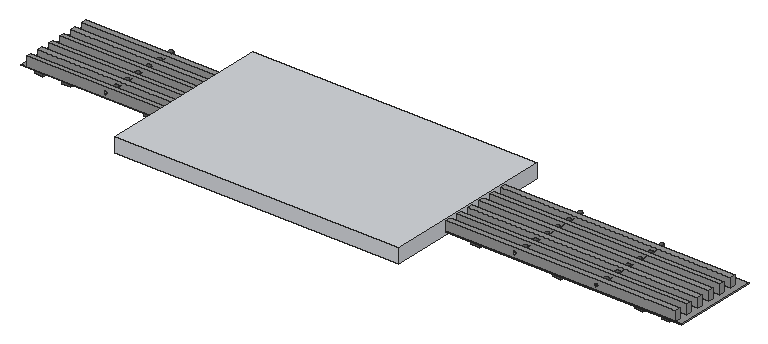
Revit family "1412-6, Veneer", category Generic Models, host Face, Revit 2020
Family settings
  Host = Face
  Can host rebar = No
  Round Connector Dimension = Use Diameter
  Part Type = Normal
  Cut with Voids When Loaded = No
  Shared = No
  Room Calculation Point = No
Parameters
  min_value [instance] = 2' - 4"  # constant formula
  max_value [instance] = 9' - 11 1/4"  # constant formula
  actual_value [instance] = if(NET LENGTH < min_value, min_value, if(NET LENGTH > max_value, max_value, NET LENGTH))  # 7' - 11 1/4"
  SCRIM MATERIAL [instance] = SCRIM
  SCRIM APPEARANCE [instance] = yes
  NET LENGTH [instance] = 7' - 11 1/4"
  IMPORTANT NOTE!!!                                                                             *Backer & dowel layout is for visualization purposes only, final layout to be determined by 9Wood. [instance] = ""
  Default Elevation = 4' - 0"
  DOWEL RADIUS [instance] = 0' - 0 1/4"  # constant formula
  BACKER & DOWEL MATERIAL [instance] = BLACK-BACKERS
  .. MEMBER WIDTH [instance] = 0' - 0 3/4"  # constant formula
  .. MEMBER MATERIAL [instance] = Veneer Cherry
  .. MEMBER DEPTH [instance] = 0' - 1 3/8"  # constant formula
  .. MEMBER COUNT [instance] = 6  # constant formula
Reference planes (in)
  plane 1 "Center (Front/Back)": y = 0
  plane 2: z = 0
  plane 3 "Center (Left/Right)": x = 0
Forms (in)
  Extrusion 1, solid
    sketch origin (0, 0, 0) x (1, 0, 0) y (0, 1, 0)
      loop
        line (-24.24823, 14.63962) -> (-24.24823, -10.69266) -> (17.36192, -10.69266) -> (17.36192, 14.63962) -> (-24.24823, 14.63962)
    from 0 to 2.0625
Dimensions and locks (in)
  aligned and locked: plane 2 to Extrusion 1
Nested families (in)
  nested 1: "1400 series" at (-44.01308, -2.1224, 0.00189), NET LENGTH <- "actual_value", .. MEMBER DEPTH <- ".. MEMBER DEPTH", .. MEMBER WIDTH <- ".. MEMBER WIDTH", DOWEL RADIUS <- "DOWEL RADIUS", BACKER & DOWEL MATERIAL <- "BACKER & DOWEL MATERIAL", .. MEMBER MATERIAL <- ".. MEMBER MATERIAL", SCRIM MATERIAL <- "SCRIM MATERIAL", MEMBER COUNT <- ".. MEMBER COUNT", SCRIM APPEARANCE <- "SCRIM APPEARANCE", type "1400 series"
    with X 7' - 8", SCRIM MATERIAL SCRIM, SCRIM LENGTH 8' - 1", SCRIM APPEARANCE yes, SCRIM 2 0' - 0 7/8", SCRIM 1 0' - 0 3/32", OC TYP 1' - 0", NET LENGTH 7' - 11 1/4", N 8, MEMBER COUNT 6, INSET 2 0' - 0 3/16", INSET 0' - 1", HALF MEMBER WIDTH 0' - 0 3/8", END BACKER yes, DOWEL RADIUS 0' - 0 1/4", DOWEL INDEX 0' - 11 5/8", DOWEL COUNT 7, BACKING M COUNT 8, BACKER WIDTH 0' - 1 1/4", BACKER INDEX 0' - 5 5/8", BACKER DEPTH 0' - 0 1/2", BACKER & DOWEL MATERIAL BLACK-BACKERS, BACKER &  DOWEL LENGTH 0' - 11 7/8", .. MEMBER WIDTH 0' - 0 3/4", .. MEMBER OC TYP 0' - 2", .. MEMBER MATERIAL Veneer Cherry, .. MEMBER DEPTH 0' - 1 3/8"
Definition of nested family "1400 series"
  Parameters (values of type "1400 series")
    X [instance] = NET LENGTH - 0' 3 1/4"  # 7' - 2"
    SCRIM MATERIAL [instance] = none
    SCRIM APPEARANCE [instance] = yes
    SCRIM 2 [instance] = 0' - 0 7/8"  # constant formula
    SCRIM 1 [instance] = 0' - 0 3/32"  # constant formula
    OC TYP [instance] = 1' - 0"  # constant formula
    N [instance] = if((X - (rounddown(X / 1' 0") * 1' 0")) > 1' 0", rounddown(X / 1' 0") + 2, rounddown(X / 1' 0") + 1)  # 8
    MEMBER COUNT [instance] = 2
    INSET 5 = 0' - 0 11/16"  # constant formula
    INSET 2 [instance] = 0' - 0 3/16"  # constant formula
    INSET [instance] = 0' - 1"  # constant formula
    END BACKER [instance] = BACKER INDEX > 0' 3 5/8"  # no
    HALF MEMBER WIDTH [instance] = .. MEMBER WIDTH / 2  # 0' - 1 1/8"
    Default Elevation = 0' - 0"
    DOWEL RADIUS [instance] = 0' - 0 1/4"
    DOWEL INDEX [instance] = BACKER INDEX + 0' 6"  # 0' - 8 5/8"
    DOWEL COUNT [instance] = N - 1  # 7
    BACKER WIDTH [instance] = 0' - 1 1/4"  # constant formula
    BACKER INDEX [instance] = (NET LENGTH - ((N - 1) * 1' 0")) / 2  # 0' - 2 5/8"
    BACKER DEPTH [instance] = 0' - 0 1/2"  # constant formula
    BACKING M COUNT [instance] = N  # 8
    BACKER & DOWEL MATERIAL [instance] = none
    BACKER &  DOWEL LENGTH [instance] = 0' - 11 7/8"  # constant formula
    SCRIM LENGTH [instance] = NET LENGTH + (SCRIM 2 * 2)  # 7' - 7"
    .. MEMBER WIDTH [instance] = 0' - 2 1/4"
    .. MEMBER OC TYP [instance] = 1' 0" / MEMBER COUNT  # 0' - 6"
    .. MEMBER MATERIAL [instance] = none
    NET LENGTH [instance] = 7' - 5 1/4"
    .. MEMBER DEPTH [instance] = 0' - 4"
  Reference planes (in)
    plane 1 "Center (Front/Back)": y = 0
    plane 2: z = 0
    plane 3 "Center (Left/Right)": x = 0
    plane 4: x = 89.25
    plane 5: x = 1
    plane 6: x = 88.25
    plane 7: x = 2.625
    plane 8: x = 8.625
    plane 9: x = 14.625
    plane 10: x = 20.625
    plane 11: y = 0.1875
    plane 12: y = 1.125
    plane 13: y = 7.125
    plane 14: y = 12.0625
    plane 15: x = 90.125
    plane 16: x = -0.875
    plane 17: y = 12.15625
    plane 18: y = -0.09375
    plane 19: z = 2.7097
    plane 20: z = 0.49811
    plane 21: z = 0.56061
    plane 22: z = 1.24811
  Lines and regions (in)
    model lines, not visible
      curve 1: line (8.625, 0, 0.99811) -> (8.625, 0, 1.49811)
      curve 2: line (8.625, 0, 1.49811) -> (8.375, 0, 1.24811)
      curve 3: line (8.375, 0, 1.24811) -> (8.875, 0, 1.24811)
      curve 4: line (20.625, 0, 0.99811) -> (20.625, 0, 1.49811)
      curve 5: line (20.625, 0, 1.49811) -> (20.375, 0, 1.24811)
      curve 6: line (20.375, 0, 1.24811) -> (20.875, 0, 1.24811)
      curve 7: line (32.625, 0, 0.99811) -> (32.625, 0, 1.49811)
      curve 8: line (32.625, 0, 1.49811) -> (32.375, 0, 1.24811)
      curve 9: line (32.375, 0, 1.24811) -> (32.875, 0, 1.24811)
      curve 10: line (44.625, 0, 0.99811) -> (44.625, 0, 1.49811)
      curve 11: line (44.625, 0, 1.49811) -> (44.375, 0, 1.24811)
      curve 12: line (44.375, 0, 1.24811) -> (44.875, 0, 1.24811)
      curve 13: line (56.625, 0, 0.99811) -> (56.625, 0, 1.49811)
      curve 14: line (56.625, 0, 1.49811) -> (56.375, 0, 1.24811)
      curve 15: line (56.375, 0, 1.24811) -> (56.875, 0, 1.24811)
      curve 16: line (68.625, 0, 0.99811) -> (68.625, 0, 1.49811)
      curve 17: line (68.625, 0, 1.49811) -> (68.375, 0, 1.24811)
      curve 18: line (68.375, 0, 1.24811) -> (68.875, 0, 1.24811)
      curve 19: line (80.625, 0, 0.99811) -> (80.625, 0, 1.49811)
      curve 20: line (80.625, 0, 1.49811) -> (80.375, 0, 1.24811)
      curve 21: line (80.375, 0, 1.24811) -> (80.875, 0, 1.24811)
  Dimensions and locks (in)
    "INSET": plane 3 "Center (Left/Right)" to plane 5
    "NET LENGTH": plane 3 "Center (Left/Right)" to plane 4
    "INSET": plane 6 to plane 4
    "BACKER INDEX": plane 3 "Center (Left/Right)" to plane 7
    "DOWEL INDEX": plane 3 "Center (Left/Right)" to plane 8
    "OC TYP": plane 7 to plane 9
    "OC TYP": plane 8 to plane 10
    "INSET 2": plane 1 "Center (Front/Back)" to plane 11
    equal spacing: group 1, group 2, group 5, group 6, group 7, group 13, group 14, group 16  (x3)
    equal spacing: group 3, group 4, group 8, group 9, group 10, group 15, group 17  (x3)
    group 11 to group 12 = 0' - 0"  (x2)
    group 11 to group 12 = 0' - 6"
    ".. MEMBER OC TYP": plane 13 to plane 12
    "HALF MEMBER WIDTH": plane 1 "Center (Front/Back)" to plane 12
    "SCRIM 2": plane 16 to plane 3 "Center (Left/Right)"
    "SCRIM 2": plane 4 to plane 15
    "SCRIM 1": plane 18 to plane 1 "Center (Front/Back)"
    "SCRIM 1": plane 17 to plane 14
    "INSET 5": plane 22 to plane 21
    aligned and locked: level to plane 2
    aligned and locked: plane 7 to nested 2
    aligned and locked: plane 5 to nested 1
    aligned and locked: plane 9 to nested 3
    aligned and locked: nested 1 to plane 5
    aligned and locked: nested 2 to plane 11
    aligned and locked: nested 1 to plane 11
    aligned and locked: nested 3 to plane 11
    aligned and locked: nested 4 to plane 11  (x2)
    aligned and locked: plane 10 to nested 5
    aligned and locked: plane 6 to nested 12
    aligned and locked: nested 5 to plane 11
    aligned and locked: plane 11 to nested 12
    aligned and locked: plane 12 to nested 13
    aligned and locked: nested 14 to plane 13
    aligned and locked: plane 14 to nested 8
    aligned and locked: plane 16 to nested 15
    aligned and locked: nested 15 to plane 18
    aligned and locked: nested 15 to plane 17
    aligned and locked: nested 15 to plane 16  (x2)
    aligned and locked: nested 1 to level
    aligned and locked: level to nested 3
    aligned and locked: plane 20 to nested 2
    aligned and locked: plane 20 to nested 1
    aligned and locked: plane 20 to nested 3
    aligned and locked: nested 12 to plane 20
    aligned and locked: nested 15 to plane 20
    aligned and locked: plane 21 to nested 15
    aligned and locked: nested 13 to plane 21
    aligned and locked: plane 22 to nested 4
    aligned and locked: plane 22 to nested 5
    aligned and locked: nested 13 to plane 8
    aligned and locked: plane 10 to nested 13
    aligned and locked: curve 1 to nested 13
    aligned and locked: nested 13 to curve 4
  Automatic sketch dimensions
    curve 3 to curve 1 = 0' - 0 1/4"  (x2)
    curve 1 to curve 3 = 0' - 0 1/4"
    curve 1 to curve 2 = 0' - 0 1/4"
    curve 6 to curve 4 = 0' - 0 1/4"  (x2)
    curve 4 to curve 6 = 0' - 0 1/4"
    curve 4 to curve 5 = 0' - 0 1/4"
    curve 9 to curve 7 = 0' - 0 1/4"  (x2)
    curve 7 to curve 9 = 0' - 0 1/4"
    curve 7 to curve 8 = 0' - 0 1/4"
    curve 12 to curve 10 = 0' - 0 1/4"  (x2)
    curve 10 to curve 12 = 0' - 0 1/4"
    curve 10 to curve 11 = 0' - 0 1/4"
    curve 15 to curve 13 = 0' - 0 1/4"  (x2)
    curve 13 to curve 15 = 0' - 0 1/4"
    curve 13 to curve 14 = 0' - 0 1/4"
    curve 18 to curve 16 = 0' - 0 1/4"  (x2)
    curve 16 to curve 18 = 0' - 0 1/4"
    curve 16 to curve 17 = 0' - 0 1/4"
    curve 21 to curve 19 = 0' - 0 1/4"  (x2)
    curve 19 to curve 21 = 0' - 0 1/4"
    curve 19 to curve 20 = 0' - 0 1/4"
  Nested families (in)
    nested 1: "INSTANCE - 3RD -  EXTEND BOTH SIDES - Parametric Cube.0001" at (1, 0.1875, 0.49811), Length <- "BACKER &  DOWEL LENGTH", Width <- "BACKER WIDTH", Height <- "BACKER DEPTH", Material <- "BACKER & DOWEL MATERIAL", visible <- "END BACKER", type "INSTANCE - 3RD -  EXTEND BOTH SIDES - Parametric Cube.0001"
      with Width 0' - 1 1/4", Material none, Length 0' - 11 7/8", Height 0' - 0 1/2"
    nested 2: "INSTANCE - 2ND -  EXTEND SIDE H CENTER W - Parametric Cube.0001" at (2.625, 0.1875, 0.49811), Width <- "BACKER WIDTH", Length <- "BACKER &  DOWEL LENGTH", Height <- "BACKER DEPTH", Material <- "BACKER & DOWEL MATERIAL", type "INSTANCE - 2ND -  EXTEND SIDE H CENTER W - Parametric Cube.0001"
      with Width 0' - 1 1/4", Material none, Length 0' - 11 7/8", Height 0' - 0 1/2"
    nested 3: "INSTANCE - 2ND -  EXTEND SIDE H CENTER W - Parametric Cube.0001" at (14.625, 0.1875, 0.49811), Width <- "BACKER WIDTH", Length <- "BACKER &  DOWEL LENGTH", Height <- "BACKER DEPTH", Material <- "BACKER & DOWEL MATERIAL", type "INSTANCE - 2ND -  EXTEND SIDE H CENTER W - Parametric Cube.0001"
      with Width 0' - 1 1/4", Material none, Length 0' - 11 7/8", Height 0' - 0 1/2"
    nested 4: "DOWEL" at (-1.375, 0.1875, 1.24811), DOWEL LENGTH <- "BACKER &  DOWEL LENGTH", DOWEL RADII <- "DOWEL RADIUS", BACKING MEM MATERIAL <- "BACKER & DOWEL MATERIAL", type "DOWEL"
      with DOWEL RADII 0' - 0 1/4", DOWEL LENGTH 0' - 11 7/8", BACKING MEM MATERIAL none
    nested 5: "DOWEL" at (10.625, 0.1875, 1.24811), DOWEL LENGTH <- "BACKER &  DOWEL LENGTH", DOWEL RADII <- "DOWEL RADIUS", BACKING MEM MATERIAL <- "BACKER & DOWEL MATERIAL", type "DOWEL"
      with DOWEL RADII 0' - 0 1/4", DOWEL LENGTH 0' - 11 7/8", BACKING MEM MATERIAL none
    nested 6: "INSTANCE - 2ND -  EXTEND SIDE H CENTER W - Parametric Cube.0001" at (26.625, 0.1875, 0.49811), Width <- "BACKER WIDTH", Length <- "BACKER &  DOWEL LENGTH", Height <- "BACKER DEPTH", Material <- "BACKER & DOWEL MATERIAL", type "INSTANCE - 2ND -  EXTEND SIDE H CENTER W - Parametric Cube.0001"
      with Width 0' - 1 1/4", Material none, Length 0' - 11 7/8", Height 0' - 0 1/2"
    nested 7: "INSTANCE - 2ND -  EXTEND SIDE H CENTER W - Parametric Cube.0001" at (38.625, 0.1875, 0.49811), Width <- "BACKER WIDTH", Length <- "BACKER &  DOWEL LENGTH", Height <- "BACKER DEPTH", Material <- "BACKER & DOWEL MATERIAL", type "INSTANCE - 2ND -  EXTEND SIDE H CENTER W - Parametric Cube.0001"
      with Width 0' - 1 1/4", Material none, Length 0' - 11 7/8", Height 0' - 0 1/2"
    nested 8: "INSTANCE - 2ND -  EXTEND SIDE H CENTER W - Parametric Cube.0001" at (50.625, 0.1875, 0.49811), Width <- "BACKER WIDTH", Length <- "BACKER &  DOWEL LENGTH", Height <- "BACKER DEPTH", Material <- "BACKER & DOWEL MATERIAL", type "INSTANCE - 2ND -  EXTEND SIDE H CENTER W - Parametric Cube.0001"
      with Width 0' - 1 1/4", Material none, Length 0' - 11 7/8", Height 0' - 0 1/2"
    nested 9: "DOWEL" at (22.625, 0.1875, 1.24811), DOWEL LENGTH <- "BACKER &  DOWEL LENGTH", DOWEL RADII <- "DOWEL RADIUS", BACKING MEM MATERIAL <- "BACKER & DOWEL MATERIAL", type "DOWEL"
      with DOWEL RADII 0' - 0 1/4", DOWEL LENGTH 0' - 11 7/8", BACKING MEM MATERIAL none
    nested 10: "DOWEL" at (34.625, 0.1875, 1.24811), DOWEL LENGTH <- "BACKER &  DOWEL LENGTH", DOWEL RADII <- "DOWEL RADIUS", BACKING MEM MATERIAL <- "BACKER & DOWEL MATERIAL", type "DOWEL"
      with DOWEL RADII 0' - 0 1/4", DOWEL LENGTH 0' - 11 7/8", BACKING MEM MATERIAL none
    nested 11: "DOWEL" at (46.625, 0.1875, 1.24811), DOWEL LENGTH <- "BACKER &  DOWEL LENGTH", DOWEL RADII <- "DOWEL RADIUS", BACKING MEM MATERIAL <- "BACKER & DOWEL MATERIAL", type "DOWEL"
      with DOWEL RADII 0' - 0 1/4", DOWEL LENGTH 0' - 11 7/8", BACKING MEM MATERIAL none
    nested 12: "INSTANCE - 3RD -  EXTEND BOTH SIDES - Parametric Cube.0001" at (88.25, 0.1875, 0.49811) x (-1, 0, 0) z (0, 0, 1), Width <- "BACKER WIDTH", Length <- "BACKER &  DOWEL LENGTH", Height <- "BACKER DEPTH", Material <- "BACKER & DOWEL MATERIAL", visible <- "END BACKER", type "INSTANCE - 3RD -  EXTEND BOTH SIDES - Parametric Cube.0001"
      with Width 0' - 1 1/4", Material none, Length 0' - 11 7/8", Height 0' - 0 1/2"
    nested 13: "HOLED MEMBER" at (0, -9.75, 8.12965), DOWEL INDEX <- "DOWEL INDEX", .. MEMBER LENGTH <- "NET LENGTH", .. MEMBER WIDTH <- ".. MEMBER WIDTH", DOWEL OC DIST <- "OC TYP", DOWEL RADII <- "DOWEL RADIUS", Material <- ".. MEMBER MATERIAL", DEPTH <- ".. MEMBER DEPTH", DOWEL COUNT <- "DOWEL COUNT", Space <- "INSET 5", type "HOLED MEMBER"
      with Space 0' - 0 11/16", Material none, Height 0' - 10.43096", HALF MEMBER WIDTH 0' - 1 1/8", DOWEL RADII 0' - 0 1/4", DOWEL OC DIST 1' - 0", DOWEL INDEX 0' - 8 5/8", DOWEL COUNT 7, DEPTH 0' - 4", .. MEMBER WIDTH 0' - 2 1/4", .. MEMBER LENGTH 7' - 5 1/4"
    nested 14: "HOLED MEMBER" at (0, -3.75, 8.12965), DOWEL INDEX <- "DOWEL INDEX", .. MEMBER LENGTH <- "NET LENGTH", .. MEMBER WIDTH <- ".. MEMBER WIDTH", DOWEL OC DIST <- "OC TYP", DOWEL RADII <- "DOWEL RADIUS", Material <- ".. MEMBER MATERIAL", DEPTH <- ".. MEMBER DEPTH", DOWEL COUNT <- "DOWEL COUNT", Space <- "INSET 5", type "HOLED MEMBER"
      with Space 0' - 0 11/16", Material none, Height 0' - 10.43096", HALF MEMBER WIDTH 0' - 1 1/8", DOWEL RADII 0' - 0 1/4", DOWEL OC DIST 1' - 0", DOWEL INDEX 0' - 8 5/8", DOWEL COUNT 7, DEPTH 0' - 4", .. MEMBER WIDTH 0' - 2 1/4", .. MEMBER LENGTH 7' - 5 1/4"
    nested 15: "INSTANCE - 3RD -  EXTEND BOTH SIDES - Parametric Cube.0001" at (-0.875, -0.09375, 0.56061), Width <- "SCRIM LENGTH", Material <- "SCRIM MATERIAL", visible <- "SCRIM APPEARANCE", type "INSTANCE - 3RD -  EXTEND BOTH SIDES - Parametric Cube.0001"
      with Width 7' - 7", Material none, Length 1' - 0 1/4", Height 0' - 0 1/16"
    nested 16: "INSTANCE - 2ND -  EXTEND SIDE H CENTER W - Parametric Cube.0001" at (62.625, 0.1875, 0.49811), Width <- "BACKER WIDTH", Length <- "BACKER &  DOWEL LENGTH", Height <- "BACKER DEPTH", Material <- "BACKER & DOWEL MATERIAL", type "INSTANCE - 2ND -  EXTEND SIDE H CENTER W - Parametric Cube.0001"
      with Width 0' - 1 1/4", Material none, Length 0' - 11 7/8", Height 0' - 0 1/2"
    nested 17: "INSTANCE - 2ND -  EXTEND SIDE H CENTER W - Parametric Cube.0001" at (74.625, 0.1875, 0.49811), Width <- "BACKER WIDTH", Length <- "BACKER &  DOWEL LENGTH", Height <- "BACKER DEPTH", Material <- "BACKER & DOWEL MATERIAL", type "INSTANCE - 2ND -  EXTEND SIDE H CENTER W - Parametric Cube.0001"
      with Width 0' - 1 1/4", Material none, Length 0' - 11 7/8", Height 0' - 0 1/2"
    nested 18: "DOWEL" at (58.625, 0.1875, 1.24811), DOWEL LENGTH <- "BACKER &  DOWEL LENGTH", DOWEL RADII <- "DOWEL RADIUS", BACKING MEM MATERIAL <- "BACKER & DOWEL MATERIAL", type "DOWEL"
      with DOWEL RADII 0' - 0 1/4", DOWEL LENGTH 0' - 11 7/8", BACKING MEM MATERIAL none
    nested 19: "INSTANCE - 2ND -  EXTEND SIDE H CENTER W - Parametric Cube.0001" at (86.625, 0.1875, 0.49811), Width <- "BACKER WIDTH", Length <- "BACKER &  DOWEL LENGTH", Height <- "BACKER DEPTH", Material <- "BACKER & DOWEL MATERIAL", type "INSTANCE - 2ND -  EXTEND SIDE H CENTER W - Parametric Cube.0001"
      with Width 0' - 1 1/4", Material none, Length 0' - 11 7/8", Height 0' - 0 1/2"
    nested 20: "DOWEL" at (70.625, 0.1875, 1.24811), DOWEL LENGTH <- "BACKER &  DOWEL LENGTH", DOWEL RADII <- "DOWEL RADIUS", BACKING MEM MATERIAL <- "BACKER & DOWEL MATERIAL", type "DOWEL"
      with DOWEL RADII 0' - 0 1/4", DOWEL LENGTH 0' - 11 7/8", BACKING MEM MATERIAL none
  Definition of nested family "INSTANCE - 3RD -  EXTEND BOTH SIDES - Parametric Cube.0001"
    Parameters (values of type "INSTANCE - 3RD -  EXTEND BOTH SIDES - Parametric Cube.0001")
      Width [instance] = 0' - 6"
      Material [instance] = none
      Length [instance] = 1' - 0"
      Height [instance] = 1' - 6"
      Default Elevation = 0' - 0"
    Reference planes (in)
      plane 1 "Center (Front/Back)": y = 0
      plane 2: z = 0
      plane 3 "Center (Left/Right)": x = 0
      plane 4: x = 6
      plane 5: y = 12
      plane 6: z = -18
    Forms (in)
      Extrusion 1, solid, material <- "Material"
        sketch origin (0, 6, 0) x (1, 0, 0) y (0, 1, 0)
          loop
            line (0, 6) -> (0, -6) -> (6, -6) -> (6, 6) -> (0, 6)
        from -18 to 0
    Dimensions and locks (in)
      "Height": plane 6 to level
      "Length": plane 1 "Center (Front/Back)" to plane 5
      "Width": plane 3 "Center (Left/Right)" to plane 4
      aligned and locked: plane 2 to level
      aligned and locked: Extrusion 1 sketch curve to plane 4
      aligned and locked: Extrusion 1 to plane 6
      aligned and locked: plane 5 to Extrusion 1
      aligned and locked: Extrusion 1 to plane 3 "Center (Left/Right)"
    Automatic sketch dimensions
      plane 1 "Center (Front/Back)" to Extrusion 1 sketch curve = 0' - 0"
      plane 5 to Extrusion 1 sketch curve = 0' - 0"
      Extrusion 1 sketch curve to plane 3 "Center (Left/Right)" = 0' - 0"
  Definition of nested family "INSTANCE - 2ND -  EXTEND SIDE H CENTER W - Parametric Cube.0001"
    Parameters (values of type "INSTANCE - 2ND -  EXTEND SIDE H CENTER W - Parametric Cube.0001")
      Width [instance] = 0' - 6"
      Material [instance] = none
      Length [instance] = 1' - 0"
      Height [instance] = 1' - 6"
      Default Elevation = 0' - 0"
    Reference planes (in)
      plane 1 "Center (Front/Back)": y = 0
      plane 2: z = 0
      plane 3 "Center (Left/Right)": x = 0
      plane 4: x = -3
      plane 5: x = 3
      plane 6: y = 12
      plane 7: z = -18
    Forms (in)
      Extrusion 1, solid, material <- "Material"
        sketch origin (0, 6, 0) x (1, 0, 0) y (0, 1, 0)
          loop
            line (-3, 6) -> (-3, -6) -> (3, -6) -> (3, 6) -> (-3, 6)
        from -18 to 0
    Dimensions and locks (in)
      equal spacing: plane 4, plane 3 "Center (Left/Right)", plane 5
      "Width": plane 4 to plane 5
      "Height": plane 7 to level
      "Length": plane 1 "Center (Front/Back)" to plane 6
      aligned and locked: plane 2 to level
      aligned and locked: plane 4 to Extrusion 1 sketch curve
      aligned and locked: Extrusion 1 sketch curve to plane 5
      aligned and locked: Extrusion 1 to plane 7
      aligned and locked: plane 6 to Extrusion 1
    Automatic sketch dimensions
      plane 1 "Center (Front/Back)" to Extrusion 1 sketch curve = 0' - 0"
      plane 6 to Extrusion 1 sketch curve = 0' - 0"
  Definition of nested family "DOWEL"
    Parameters (values of type "DOWEL")
      Default Elevation = 0' - 0"
      DOWEL RADII [instance] = 0' - 0 5/8"
      DOWEL LENGTH [instance] = 1' - 0"
      BACKING MEM MATERIAL [instance] = none
    Reference planes (in)
      plane 1 "Center (Front/Back)": y = 0
      plane 2: z = 0
      plane 3 "Center (Left/Right)": x = 0
      plane 4: y = 12
    Forms (in)
      Extrusion 1, solid, material <- "BACKING MEM MATERIAL"
        sketch origin (10, 0, 0) x (1, 0, 0) y (0, 0, 1)
          loop
            circle (0, 0) r 0.625
        from 0 to -12
      Extrusion 2, solid, not visible
        sketch origin (0, 0, 0) x (1, 0, 0) y (0, 0, 1)
          loop
            circle (0, 0) r 0.625
        from 0 to 12
      Extrusion 3, solid, not visible
        sketch origin (10, 0, 0) x (1, 0, 0) y (0, 0, 1)
          loop
            circle (0, 0) r 0.625
        from 0 to 2.5
      Extrusion 4, solid, not visible
        sketch origin (10, 0, 0) x (1, 0, 0) y (0, 0, 1)
          loop
            circle (0, 0) r 0.625
        from 0 to -12
    Lines and regions (in)
      model lines, not visible
        curve 1: line (-13, 0, 0) -> (-13, -12, 0)
        curve 2: line (13, 0, 0) -> (13, -12, 0)
        curve 3: line (9.89453, 0, 0) -> (10.08794, 0, 0)
        curve 4: line (9.89453, -2.5, 0) -> (10.08794, -2.5, 0)
        curve 6: line (10, 0, 0) -> (10, 2, 0)
      model lines
        curve 5: line (10, 0, 0) -> (10, 2, 0)
    Dimensions and locks (in)
      "DOWEL LENGTH": plane 1 "Center (Front/Back)" to plane 4
      "DOWEL RADII": radius of Extrusion 1 sketch curve
      "DOWEL RADII": radius of Extrusion 2 sketch curve
      "DOWEL RADII": radius of Extrusion 3 sketch curve
      "DOWEL RADII": radius of Extrusion 4 sketch curve
      "DOWEL RADII": radius of Extrusion 1
      aligned and locked: plane 2 to level
      aligned and locked: Extrusion 1 to plane 1 "Center (Front/Back)"  (x3)
      aligned and locked: plane 1 "Center (Front/Back)" to Extrusion 1
      aligned and locked: plane 4 to Extrusion 1
    Automatic sketch dimensions
      plane 1 "Center (Front/Back)" to curve 5 = 0' - 0"
      curve 5 to plane 1 "Center (Front/Back)" = 0' - 2"
      plane 3 "Center (Left/Right)" to curve 5 = 0' - 10"
      Extrusion 1 sketch curve to level = 0' - 0"
      plane 3 "Center (Left/Right)" to Extrusion 1 sketch curve = 0' - 10"
  Definition of nested family "HOLED MEMBER"
    Parameters (values of type "HOLED MEMBER")
      Space [instance] = 0' - 0 5/8"
      Material [instance] = none
      Height [instance] = 0' - 10.43096"
      HALF MEMBER WIDTH [instance] = .. MEMBER WIDTH / 2  # 0' - 0 5/16"
      Default Elevation = 0' - 0"
      DOWEL RADII [instance] = 0' - 0.34537"
      DOWEL OC DIST [instance] = 1' - 0"
      DOWEL INSET = 0' - 0 5/8"
      DOWEL INDEX [instance] = 0' - 5 5/8"
      DOWEL COUNT [instance] = 6
      DEPTH [instance] = 0' - 2"
      .. MEMBER WIDTH [instance] = 0' - 0 5/8"
      .. MEMBER LENGTH [instance] = 5' - 11 3/4"
    Reference planes (in)
      plane 1 "Center (Front/Back)": y = 12
      plane 2: z = -7.56904
      plane 3 "Center (Left/Right)": x = 0
      plane 4: x = 5.625
      plane 5: x = 17.625
      plane 6: y = 11.375
      plane 7: x = 71.75
      plane 8: y = 11.6875
      plane 9: z = -6.94404
      plane 10: z = -5.56904
    Forms (in)
      Extrusion 1, solid, material <- "Material"
        sketch origin (0, 12, -13.56904) x (1, 0, 0) y (0, 0, 1)
          loop
            line (0, 6) -> (71.75, 6) -> (71.75, 8) -> (0, 8) -> (0, 6)
        from 0.625 to 0
      Extrusion 2, void
        sketch origin (0, 12, -18.31904) x (1, 0, 0) y (0, 0, 1)
          loop
            circle (5.625, 11.375) r 0.34537
        from 0 to 12
      Extrusion 3, void, not visible
        sketch origin (0, 0, 0) x (1, 0, 0) y (0, 1, 0)
          loop
            circle (5.625, 11.375) r 0.34537
        from 0 to 12
      Extrusion 4, void, not visible
        sketch origin (0, 0, 0) x (1, 0, 0) y (0, 1, 0)
          loop
            circle (5.625, 11.375) r 0.34537
        from 0 to 12
      Extrusion 5, void, not visible
        sketch origin (12, 0, 0) x (1, 0, 0) y (0, 1, 0)
          loop
            circle (5.625, 11.375) r 0.34537
        from 0 to 12
      Extrusion 6, void, not visible
        sketch origin (0, 12, -17.56904) x (1, 0, 0) y (0, 0, 1)
          loop
            circle (5.625, 11.375) r 0.34537
        from 0 to 12
      Extrusion 7, void, not visible
        sketch origin (12, 12, -17.56904) x (1, 0, 0) y (0, 0, 1)
          loop
            circle (5.625, 11.375) r 0.34537
        from 0 to 12
      Extrusion 8, void, not visible
        sketch origin (0, 12, -19.56904) x (1, 0, 0) y (0, 0, 1)
          loop
            circle (5.625, 11.375) r 0.34537
        from 0 to 12
      Extrusion 9, void
        sketch origin (12, 12, -18.31904) x (1, 0, 0) y (0, 0, 1)
          loop
            circle (5.625, 11.375) r 0.34537
        from 0 to 12
      Extrusion 10, void
        sketch origin (24, 12, -18.31904) x (1, 0, 0) y (0, 0, 1)
          loop
            circle (5.625, 11.375) r 0.34537
        from 0 to 12
      Extrusion 11, void
        sketch origin (36, 12, -18.31904) x (1, 0, 0) y (0, 0, 1)
          loop
            circle (5.625, 11.375) r 0.34537
        from 0 to 12
      Extrusion 12, void
        sketch origin (48, 12, -18.31904) x (1, 0, 0) y (0, 0, 1)
          loop
            circle (5.625, 11.375) r 0.34537
        from 0 to 12
      Extrusion 13, void
        sketch origin (60, 12, -18.31904) x (1, 0, 0) y (0, 0, 1)
          loop
            circle (5.625, 11.375) r 0.34537
        from 0 to 12
      Extrusion 14, void, not visible
        sketch origin (24, 12, -17.56904) x (1, 0, 0) y (0, 0, 1)
          loop
            circle (5.625, 11.375) r 0.34537
        from 0 to 12
      Extrusion 15, void, not visible
        sketch origin (36, 12, -17.56904) x (1, 0, 0) y (0, 0, 1)
          loop
            circle (5.625, 11.375) r 0.34537
        from 0 to 12
      Extrusion 16, void, not visible
        sketch origin (48, 12, -17.56904) x (1, 0, 0) y (0, 0, 1)
          loop
            circle (5.625, 11.375) r 0.34537
        from 0 to 12
      Extrusion 17, void, not visible
        sketch origin (60, 12, -17.56904) x (1, 0, 0) y (0, 0, 1)
          loop
            circle (5.625, 11.375) r 0.34537
        from 0 to 12
      Extrusion 18, void, not visible
        sketch origin (24, 0, 0) x (1, 0, 0) y (0, 1, 0)
          loop
            circle (5.625, 11.375) r 0.34537
        from 0 to 12
      Extrusion 19, void, not visible
        sketch origin (36, 0, 0) x (1, 0, 0) y (0, 1, 0)
          loop
            circle (5.625, 11.375) r 0.34537
        from 0 to 12
      Extrusion 20, void, not visible
        sketch origin (48, 0, 0) x (1, 0, 0) y (0, 1, 0)
          loop
            circle (5.625, 11.375) r 0.34537
        from 0 to 12
      Extrusion 21, void, not visible
        sketch origin (60, 0, 0) x (1, 0, 0) y (0, 1, 0)
          loop
            circle (5.625, 11.375) r 0.34537
        from 0 to 12
    Cuts and joins
      Extrusion 2, Extrusion 9, Extrusion 10, Extrusion 11, Extrusion 12, Extrusion 13 cuts Extrusion 1
    Lines and regions (in)
      model lines, not visible
        curve 1: line (5.625, 11.72037, 0) -> (5.625, 11.02963, 0)
        curve 2: line (5.625, 11.72037, 0) -> (5.625, 11.02963, 0)
        curve 3: line (17.625, 11.72037, 0) -> (17.625, 11.02963, 0)
        curve 4: line (5.625, 12, -7.56904) -> (5.625, 11.87317, -7.56904)
        curve 5: line (5.625, 11.87317, -7.56904) -> (5.06195, 11.87317, -7.56904)
        curve 6: line (5.06195, 11.87317, -7.56904) -> (5.27963, 11.375, -7.56904)
        curve 7: line (0, 12, -6.19404) -> (0, 11.61951, -6.19404)
        curve 9: line (0, 11.375, -8.19404) -> (0, 11.6747, -8.19404)
        curve 10: line (5.625, 12, -7.56904) -> (5.625, 11.69863, -7.56904)
        curve 11: line (5.625, 12, -7.56904) -> (5.625, 11.69863, -7.56904)
        curve 12: line (5.625, 10.75, 0) -> (5.625, 10.75, 0.30137)
        curve 13: line (5.625, 10.75, 0) -> (5.625, 10.75, 0.30137)
        curve 14: line (17.625, 10.75, 0) -> (17.625, 10.75, 0.30137)
        curve 15: line (5.625, 12, -6.81904) -> (5.625, 11.69863, -6.81904)
        curve 16: line (17.625, 12, -6.81904) -> (17.625, 11.69863, -6.81904)
        curve 17: line (5.625, 12, -8.81904) -> (5.625, 11.69863, -8.81904)
        curve 18: line (17.625, 12, -7.56904) -> (17.625, 11.69863, -7.56904)
        curve 19: line (29.625, 12, -7.56904) -> (29.625, 11.69863, -7.56904)
        curve 20: line (41.625, 12, -7.56904) -> (41.625, 11.69863, -7.56904)
        curve 21: line (53.625, 12, -7.56904) -> (53.625, 11.69863, -7.56904)
        curve 22: line (65.625, 12, -7.56904) -> (65.625, 11.69863, -7.56904)
        curve 23: line (29.625, 12, -6.81904) -> (29.625, 11.69863, -6.81904)
        curve 24: line (41.625, 12, -6.81904) -> (41.625, 11.69863, -6.81904)
        curve 25: line (53.625, 12, -6.81904) -> (53.625, 11.69863, -6.81904)
        curve 26: line (65.625, 12, -6.81904) -> (65.625, 11.69863, -6.81904)
        curve 27: line (29.625, 11.72037, 0) -> (29.625, 11.02963, 0)
        curve 28: line (29.625, 10.75, 0) -> (29.625, 10.75, 0.30137)
        curve 29: line (41.625, 11.72037, 0) -> (41.625, 11.02963, 0)
        curve 30: line (41.625, 10.75, 0) -> (41.625, 10.75, 0.30137)
        curve 31: line (53.625, 11.72037, 0) -> (53.625, 11.02963, 0)
        curve 32: line (53.625, 10.75, 0) -> (53.625, 10.75, 0.30137)
        curve 33: line (65.625, 11.72037, 0) -> (65.625, 11.02963, 0)
        curve 34: line (65.625, 10.75, 0) -> (65.625, 10.75, 0.30137)
        curve 35: line (5.27963, 12, -6.94404) -> (5.97037, 12, -6.94404)
        curve 36: line (5.97037, 12, -6.94404) -> (5.625, 12, -6.59867)
        curve 37: line (5.625, 12, -6.59867) -> (5.625, 12, -7.28941)
        curve 38: line (5.27963, 11.375, 0) -> (5.97037, 11.375, 0)
        curve 39: line (5.97037, 11.375, 0) -> (5.625, 11.72037, 0)
        curve 40: line (5.625, 11.72037, 0) -> (5.625, 11.02963, 0)
        curve 41: line (5.27963, 11.375, 0) -> (5.97037, 11.375, 0)
        curve 42: line (5.97037, 11.375, 0) -> (5.625, 11.72037, 0)
        curve 43: line (5.625, 11.72037, 0) -> (5.625, 11.02963, 0)
        curve 44: line (17.27963, 11.375, 0) -> (17.97037, 11.375, 0)
        curve 45: line (17.97037, 11.375, 0) -> (17.625, 11.72037, 0)
        curve 46: line (17.625, 11.72037, 0) -> (17.625, 11.02963, 0)
        curve 47: line (5.27963, 12, -6.19404) -> (5.97037, 12, -6.19404)
        curve 48: line (5.97037, 12, -6.19404) -> (5.625, 12, -5.84867)
        curve 49: line (5.625, 12, -5.84867) -> (5.625, 12, -6.53941)
        curve 50: line (17.27963, 12, -6.19404) -> (17.97037, 12, -6.19404)
        curve 51: line (17.97037, 12, -6.19404) -> (17.625, 12, -5.84867)
        curve 52: line (17.625, 12, -5.84867) -> (17.625, 12, -6.53941)
        curve 53: line (5.27963, 12, -8.19404) -> (5.97037, 12, -8.19404)
        curve 54: line (5.97037, 12, -8.19404) -> (5.625, 12, -7.84867)
        curve 55: line (5.625, 12, -7.84867) -> (5.625, 12, -8.53941)
        curve 56: line (17.27963, 12, -6.94404) -> (17.97037, 12, -6.94404)
        curve 57: line (17.97037, 12, -6.94404) -> (17.625, 12, -6.59867)
        curve 58: line (17.625, 12, -6.59867) -> (17.625, 12, -7.28941)
        curve 59: line (29.27963, 12, -6.94404) -> (29.97037, 12, -6.94404)
        curve 60: line (29.97037, 12, -6.94404) -> (29.625, 12, -6.59867)
        curve 61: line (29.625, 12, -6.59867) -> (29.625, 12, -7.28941)
        curve 62: line (41.27963, 12, -6.94404) -> (41.97037, 12, -6.94404)
        curve 63: line (41.97037, 12, -6.94404) -> (41.625, 12, -6.59867)
        curve 64: line (41.625, 12, -6.59867) -> (41.625, 12, -7.28941)
        curve 65: line (53.27963, 12, -6.94404) -> (53.97037, 12, -6.94404)
        curve 66: line (53.97037, 12, -6.94404) -> (53.625, 12, -6.59867)
        curve 67: line (53.625, 12, -6.59867) -> (53.625, 12, -7.28941)
        curve 68: line (65.27963, 12, -6.94404) -> (65.97037, 12, -6.94404)
        curve 69: line (65.97037, 12, -6.94404) -> (65.625, 12, -6.59867)
        curve 70: line (65.625, 12, -6.59867) -> (65.625, 12, -7.28941)
        curve 71: line (29.27963, 12, -6.19404) -> (29.97037, 12, -6.19404)
        curve 72: line (29.97037, 12, -6.19404) -> (29.625, 12, -5.84867)
        curve 73: line (29.625, 12, -5.84867) -> (29.625, 12, -6.53941)
        curve 74: line (41.27963, 12, -6.19404) -> (41.97037, 12, -6.19404)
        curve 75: line (41.97037, 12, -6.19404) -> (41.625, 12, -5.84867)
        curve 76: line (41.625, 12, -5.84867) -> (41.625, 12, -6.53941)
        curve 77: line (53.27963, 12, -6.19404) -> (53.97037, 12, -6.19404)
        curve 78: line (53.97037, 12, -6.19404) -> (53.625, 12, -5.84867)
        curve 79: line (53.625, 12, -5.84867) -> (53.625, 12, -6.53941)
        curve 80: line (65.27963, 12, -6.19404) -> (65.97037, 12, -6.19404)
        curve 81: line (65.97037, 12, -6.19404) -> (65.625, 12, -5.84867)
        curve 82: line (65.625, 12, -5.84867) -> (65.625, 12, -6.53941)
        curve 83: line (29.27963, 11.375, 0) -> (29.97037, 11.375, 0)
        curve 84: line (29.97037, 11.375, 0) -> (29.625, 11.72037, 0)
        curve 85: line (29.625, 11.72037, 0) -> (29.625, 11.02963, 0)
        curve 86: line (41.27963, 11.375, 0) -> (41.97037, 11.375, 0)
        curve 87: line (41.97037, 11.375, 0) -> (41.625, 11.72037, 0)
        curve 88: line (41.625, 11.72037, 0) -> (41.625, 11.02963, 0)
        curve 89: line (53.27963, 11.375, 0) -> (53.97037, 11.375, 0)
        curve 90: line (53.97037, 11.375, 0) -> (53.625, 11.72037, 0)
        curve 91: line (53.625, 11.72037, 0) -> (53.625, 11.02963, 0)
        curve 92: line (65.27963, 11.375, 0) -> (65.97037, 11.375, 0)
        curve 93: line (65.97037, 11.375, 0) -> (65.625, 11.72037, 0)
        curve 94: line (65.625, 11.72037, 0) -> (65.625, 11.02963, 0)
      model lines
        curve 8: line (5.625, 12, -7.56904) -> (5.625, 11.69863, -7.56904)
    Dimensions and locks (in)
      "DOWEL INDEX": plane 3 "Center (Left/Right)" to plane 4
      "DOWEL OC DIST": plane 4 to plane 5
      ".. MEMBER LENGTH": plane 3 "Center (Left/Right)" to plane 7
      equal spacing: group 3, group 4, group 21, group 22, group 23, group 24  (x3)
      equal spacing: group 7, group 8, group 17, group 18, group 19, group 20  (x3)
      ".. MEMBER WIDTH": plane 6 to plane 1 "Center (Front/Back)"
      "HALF MEMBER WIDTH": plane 8 to plane 1 "Center (Front/Back)"
      equal spacing: group 1, group 12, group 13, group 14, group 15, group 16  (x2)
      equal spacing: group 16, group 15, group 14, group 13, group 12, group 1
      "DEPTH": plane 10 to level
      "Space": plane 9 to level
      "DOWEL RADII": radius of Extrusion 2 sketch curve
      "DOWEL RADII": radius of Extrusion 3 sketch curve
      "DOWEL RADII": radius of Extrusion 4 sketch curve
      "DOWEL RADII": radius of Extrusion 5 sketch curve
      "DOWEL RADII": radius of Extrusion 6 sketch curve
      "DOWEL RADII": radius of Extrusion 7 sketch curve
      "DOWEL RADII": radius of Extrusion 8 sketch curve
      "DOWEL RADII": radius of Extrusion 9 sketch curve
      "DOWEL RADII": radius of Extrusion 10 sketch curve
      "DOWEL RADII": radius of Extrusion 11 sketch curve
      "DOWEL RADII": radius of Extrusion 12 sketch curve
      "DOWEL RADII": radius of Extrusion 13 sketch curve
      "DOWEL RADII": radius of Extrusion 14 sketch curve
      "DOWEL RADII": radius of Extrusion 15 sketch curve
      "DOWEL RADII": radius of Extrusion 16 sketch curve
      "DOWEL RADII": radius of Extrusion 17 sketch curve
      "DOWEL RADII": radius of Extrusion 18 sketch curve
      "DOWEL RADII": radius of Extrusion 19 sketch curve
      "DOWEL RADII": radius of Extrusion 20 sketch curve
      "DOWEL RADII": radius of Extrusion 21 sketch curve
      aligned and locked: level to plane 2
      aligned and locked: Extrusion 1 to plane 3 "Center (Left/Right)"  (x2)
      aligned and locked: plane 7 to cut or joined group of Extrusion 1, Extrusion 2, Extrusion 9, Extrusion 10, Extrusion 11, Extrusion 12, Extrusion 13  (x2)
      aligned and locked: cut or joined group of Extrusion 1, Extrusion 2, Extrusion 9, Extrusion 10, Extrusion 11, Extrusion 12, Extrusion 13 to plane 1 "Center (Front/Back)"  (x2)
      aligned and locked: cut or joined group of Extrusion 1, Extrusion 2, Extrusion 9, Extrusion 10, Extrusion 11, Extrusion 12, Extrusion 13 to plane 6  (x2)
      aligned and locked: plane 4 to curve 11
      aligned and locked: curve 18 to plane 5
      aligned and locked: plane 4 to group 1
      aligned and locked: group 12 to plane 5
      aligned and locked: curve 35 to plane 9
      aligned and locked: plane 4 to curve 37
      aligned and locked: curve 56 to plane 9
      aligned and locked: curve 58 to plane 5
      aligned and locked: plane 10 to cut or joined group of Extrusion 1, Extrusion 2, Extrusion 9, Extrusion 10, Extrusion 11, Extrusion 12, Extrusion 13  (x2)
      aligned and locked: cut or joined group of Extrusion 1, Extrusion 2, Extrusion 9, Extrusion 10, Extrusion 11, Extrusion 12, Extrusion 13 to level
      aligned and locked: level to cut or joined group of Extrusion 1, Extrusion 2, Extrusion 9, Extrusion 10, Extrusion 11, Extrusion 12, Extrusion 13
    Automatic sketch dimensions
      curve 1 to curve 1 = 0' - 0.69074"
      curve 2 to curve 2 = 0' - 0.69074"
      curve 3 to curve 3 = 0' - 0.69074"
      Extrusion 1 sketch curve to plane 3 "Center (Left/Right)" = 0' - 0"
      Extrusion 1 sketch curve to plane 7 = 0' - 0"
      Extrusion 1 sketch curve to Extrusion 1 sketch curve = 0' - 2"
      Extrusion 1 sketch curve to level = 0' - 0"
      curve 8 to curve 8 = 0' - 0.30137"
      curve 10 to curve 10 = 0' - 0.30137"
      curve 8 to plane 4 = 0' - 0"
      plane 1 "Center (Front/Back)" to curve 8 = 0' - 0"
      plane 1 "Center (Front/Back)" to curve 8 = 0' - 0.30137"
      curve 11 to curve 11 = 0' - 0.30137"
      curve 12 to curve 12 = 0' - 0.30137"
      curve 13 to curve 13 = 0' - 0.30137"
      curve 14 to curve 14 = 0' - 0.30137"
      curve 15 to curve 15 = 0' - 0.30137"
      curve 16 to curve 16 = 0' - 0.30137"
      curve 17 to curve 17 = 0' - 0.30137"
      curve 18 to curve 18 = 0' - 0.30137"
      curve 19 to curve 19 = 0' - 0.30137"
      curve 20 to curve 20 = 0' - 0.30137"
      curve 21 to curve 21 = 0' - 0.30137"
      curve 22 to curve 22 = 0' - 0.30137"
      curve 23 to curve 23 = 0' - 0.30137"
      curve 24 to curve 24 = 0' - 0.30137"
      curve 25 to curve 25 = 0' - 0.30137"
      curve 26 to curve 26 = 0' - 0.30137"
      curve 27 to curve 27 = 0' - 0.69074"
      curve 28 to curve 28 = 0' - 0.30137"
      curve 29 to curve 29 = 0' - 0.69074"
      curve 30 to curve 30 = 0' - 0.30137"
      curve 31 to curve 31 = 0' - 0.69074"
      curve 32 to curve 32 = 0' - 0.30137"
      curve 33 to curve 33 = 0' - 0.69074"
      curve 34 to curve 34 = 0' - 0.30137"
      curve 37 to curve 35 = 0' - 0.34537"  (x2)
      curve 35 to curve 36 = 0' - 0.34537"
      curve 35 to curve 37 = 0' - 0.34537"
      curve 40 to curve 38 = 0' - 0.34537"  (x2)
      curve 38 to curve 39 = 0' - 0.34537"
      curve 38 to curve 40 = 0' - 0.34537"
      curve 43 to curve 41 = 0' - 0.34537"  (x2)
      curve 41 to curve 42 = 0' - 0.34537"
      curve 41 to curve 43 = 0' - 0.34537"
      curve 46 to curve 44 = 0' - 0.34537"  (x2)
      curve 44 to curve 45 = 0' - 0.34537"
      curve 44 to curve 46 = 0' - 0.34537"
      curve 49 to curve 47 = 0' - 0.34537"  (x2)
      curve 47 to curve 48 = 0' - 0.34537"
      curve 47 to curve 49 = 0' - 0.34537"
      curve 52 to curve 50 = 0' - 0.34537"  (x2)
      curve 50 to curve 51 = 0' - 0.34537"
      curve 50 to curve 52 = 0' - 0.34537"
      curve 55 to curve 53 = 0' - 0.34537"  (x2)
      curve 53 to curve 54 = 0' - 0.34537"
      curve 53 to curve 55 = 0' - 0.34537"
      curve 58 to curve 56 = 0' - 0.34537"  (x2)
      curve 56 to curve 57 = 0' - 0.34537"
      curve 56 to curve 58 = 0' - 0.34537"
      curve 61 to curve 59 = 0' - 0.34537"  (x2)
      curve 59 to curve 60 = 0' - 0.34537"
      curve 59 to curve 61 = 0' - 0.34537"
      curve 64 to curve 62 = 0' - 0.34537"  (x2)
      curve 62 to curve 63 = 0' - 0.34537"
      curve 62 to curve 64 = 0' - 0.34537"
      curve 67 to curve 65 = 0' - 0.34537"  (x2)
      curve 65 to curve 66 = 0' - 0.34537"
      curve 65 to curve 67 = 0' - 0.34537"
      curve 70 to curve 68 = 0' - 0.34537"  (x2)
      curve 68 to curve 69 = 0' - 0.34537"
      curve 68 to curve 70 = 0' - 0.34537"
      curve 73 to curve 71 = 0' - 0.34537"  (x2)
      curve 71 to curve 72 = 0' - 0.34537"
      curve 71 to curve 73 = 0' - 0.34537"
      curve 76 to curve 74 = 0' - 0.34537"  (x2)
      curve 74 to curve 75 = 0' - 0.34537"
      curve 74 to curve 76 = 0' - 0.34537"
      curve 79 to curve 77 = 0' - 0.34537"  (x2)
      curve 77 to curve 78 = 0' - 0.34537"
      curve 77 to curve 79 = 0' - 0.34537"
      curve 82 to curve 80 = 0' - 0.34537"  (x2)
      curve 80 to curve 81 = 0' - 0.34537"
      curve 80 to curve 82 = 0' - 0.34537"
      curve 85 to curve 83 = 0' - 0.34537"  (x2)
      curve 83 to curve 84 = 0' - 0.34537"
      curve 83 to curve 85 = 0' - 0.34537"
      curve 88 to curve 86 = 0' - 0.34537"  (x2)
      curve 86 to curve 87 = 0' - 0.34537"
      curve 86 to curve 88 = 0' - 0.34537"
      curve 91 to curve 89 = 0' - 0.34537"  (x2)
      curve 89 to curve 90 = 0' - 0.34537"
      curve 89 to curve 91 = 0' - 0.34537"
      curve 94 to curve 92 = 0' - 0.34537"  (x2)
      curve 92 to curve 93 = 0' - 0.34537"
      curve 92 to curve 94 = 0' - 0.34537"
